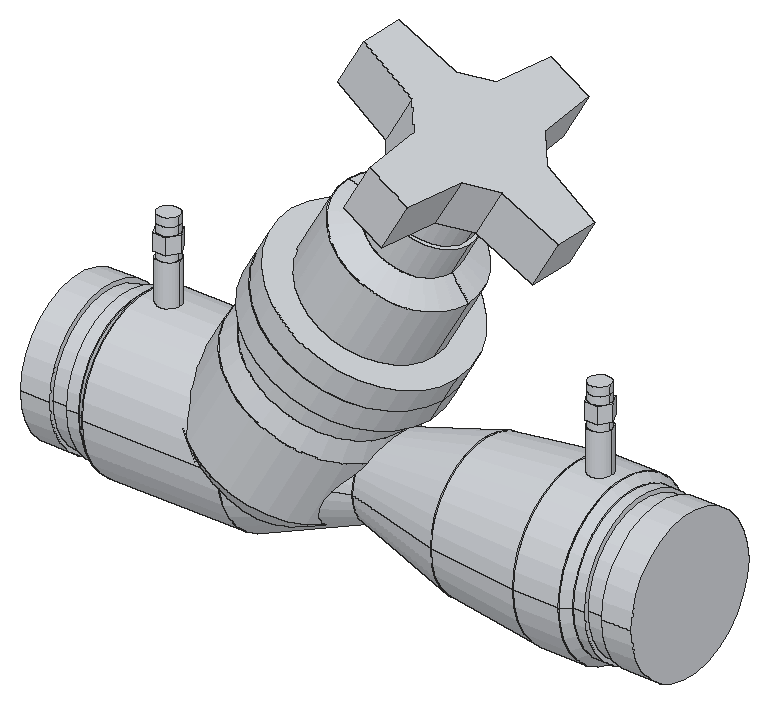
Revit family "447_d-DN040-RFA_2019", category Pipe Accessories, Revit 2019
Family settings
  Round Connector Dimension = Use Diameter
  Part Type = Valve - Breaks Into
  Work Plane-Based = No
  Always vertical = Yes
  Cut with Voids When Loaded = No
  Shared = No
Parameters (values of type "447_d-DN040")
  magiProductId = "6dc4a6b5eb924103b02307904d600f"
  magiProductFamilyId = "eab8c084d85f47fc9aed3208e9defb"
  magiPartTypeId = 304
  isMeasuringValve [instance] = no
  ang2D [instance] = 0.00°
  W3 = 9.08 mm
  W2D = 100 mm
  W2 = 17.092 mm
  W1 = 7.25 mm
  VersionID = "2.0/2018.4.11.4/ZETKAMA_447_GROOVED_001"
  Use Minimum Symbol Size [instance] = yes
  URL = "www.hydronix.cz"
  Type Comments = "drážkový spoj; PN16; -10~+120°C;"
  R9 = 31.2 mm
  R8 = 13.2 mm
  R7 = 14.4 mm
  R6 = 28.8 mm
  R5 = 37 mm
  R4 = 13.2 mm
  R3 = 26.4 mm
  R2 = 22.8 mm
  R13 = 4.29 mm
  R12 = 3.357 mm
  R11 = 3.73 mm
  R1 = 24 mm
  R = 20 mm
  QmdConnectorList = "301;D;302;D"
  Productdata [instance] = ""
  Model = ""
  Manufacturer = "Hydronix"
  Maintenance Zone Under Depth [instance] = 24 mm
  Maintenance Zone Right Depth [instance] = 200 mm
  Maintenance Zone Over Depth [instance] = 130 mm
  Maintenance Zone Left Depth [instance] = 200 mm
  Maintenance Zone Front Depth [instance] = 74 mm
  Maintenance Zone Back Depth [instance] = 74 mm
  Maintenance Zone Front Visibility [instance] = no
  MC Product Code = "447 040 d (DN40; PN16 kvs22,36)"
  MC Piping Given Pressure Drop [instance] = 0.0 Pa
  L9 = 29.841 mm
  L8__ve = -L8  # -14.921 mm
  L8 = 14.921 mm
  L6 = 44.762 mm
  L5 = 2.857 mm
  L4__ve = -L4  # -3.81 mm
  L4 = 3.81 mm
  L3__ve = -L3  # -5.714 mm
  L3 = 5.714 mm
  L2__ve = -L2  # -9.524 mm
  L2D_Min = 3048 mm
  L2D = 350 mm
  L2 = 9.524 mm
  L13 = 7.46 mm
  L12 = 7.25 mm
  L11 = 9.08 mm
  L10 = 17.092 mm
  L1 = 100 mm
  KZ = 16.667 mm
  KL = 28.868 mm
  H9 = 3.433 mm
  H8 = 22.317 mm
  H7 = 8.583 mm
  H6 = 10.3 mm
  H5 = 6.867 mm
  H4 = 25.75 mm
  H17 = 5.2 mm
  H16 = 2.6 mm
  H15 = 39.4 mm
  H14 = 17.167 mm
  H13 = 12.875 mm
  H11 = 13.733 mm
  H10 = 12.017 mm
  Description = "Ruční vyvažovací ventil s drážkovým spojem"
  D = 40 mm
  CenSd_R13_6 = R13 * cos(30.00°)  # 3.715 mm
  Clearance Zone Height Depth [instance] = 130 mm
  Clearance Zone Circular Radius [instance] = 100 mm
  Clearance Zone Visibility [instance] = no
Types (10, lengths in mm): name | magiProductId | W3 | W2 | W1 | R9 | R8 | R7 | R6 | R5 | R4 | R3 | R2 | R13 | R12 | R11 | R1 | R | Maintenance Zone Under Depth | Maintenance Zone Right Depth | Maintenance Zone Over Depth | Maintenance Zone Left Depth | Maintenance Zone Front Depth | Maintenance Zone Back Depth | MC Product Code | L9 | L8__ve | L8 | L6 | L5 | L4__ve | L4 | L3__ve | L3 | L2__ve | L2 | L13 | L12 | L11 | L10 | L1 | KZ | KL | H9 | H8 | H7 | H6 | H5 | H4 | H17 | H16 | H15 | H14 | H13 | H11 | H10 | D | CenSd_R13_6 | Clearance Zone Height Depth | Clearance Zone Circular Radius
  447_d-DN100 | "e5a6bfdd9ca54003a0551f5d760c3c" | 14.437 | 30.026 | 12.736 | 74.1 | 31.35 | 34.2 | 68.4 | 65 | 31.35 | 62.7 | 54.15 | 7.507 | 5.875 | 6.528 | 57 | 50 | 57 | 350 | 240 | 350 | 130 | 130 | "447 100 d (DN100; PN16 kvs180,5)" | 52.222 | -26.111 | 26.111 | 78.333 | 5 | -6.667 | 6.667 | -10 | 10 | -16.667 | 16.667 | 13.056 | 12.736 | 14.437 | 30.026 | 175 | 29.167 | 50.518 | 6.389 | 41.531 | 15.973 | 19.168 | 12.779 | 47.92 | 9.6 | 4.8 | 86.7 | 31.947 | 23.96 | 25.557 | 22.363 | 100 | 6.501 | 240 | 175
  447_d-DN125 | "5795ec580370482d8c46e49d975863" | 14.437 | 30.026 | 12.736 | 91.65 | 38.775 | 42.3 | 84.6 | 65 | 38.775 | 77.55 | 66.975 | 8.579 | 6.714 | 7.46 | 70.5 | 62.5 | 71 | 400 | 260 | 400 | 130 | 130 | "447 125 d (DN125; PN16 kvs280,0)" | 59.683 | -29.841 | 29.841 | 89.524 | 5.714 | -7.619 | 7.619 | -11.429 | 11.429 | -19.048 | 19.048 | 14.921 | 12.736 | 14.437 | 30.026 | 200 | 33.333 | 57.735 | 7.005 | 45.534 | 17.513 | 21.016 | 14.01 | 52.539 | 10.4 | 5.2 | 103.55 | 35.026 | 26.269 | 28.021 | 24.518 | 125 | 7.43 | 260 | 200
  447_d-DN150 | "9b6b5ad10a674c51b522359e7e2d39" | 14.437 | 30.026 | 12.736 | 109.2 | 46.2 | 50.4 | 100.8 | 65 | 46.2 | 92.4 | 79.8 | 10.295 | 8.057 | 8.952 | 84 | 75 | 84 | 480 | 285 | 480 | 130 | 130 | "447 150 d (DN150; PN16 kvs383,4)" | 71.619 | -35.81 | 35.81 | 107.429 | 6.857 | -9.143 | 9.143 | -13.714 | 13.714 | -22.857 | 22.857 | 17.905 | 12.736 | 14.437 | 30.026 | 240 | 40 | 69.282 | 7.775 | 50.537 | 19.437 | 23.325 | 15.55 | 58.312 | 11.4 | 5.7 | 120.9 | 38.875 | 29.156 | 31.1 | 27.212 | 150 | 8.916 | 285 | 240
  447_d-DN200 | "f5a67fe5c2444fc986ed7f87b9a4ed" | 31.658 | 71.601 | 30.372 | 142.35 | 60.225 | 65.7 | 131.4 | 155 | 60.225 | 120.45 | 104.025 | 12.869 | 10.071 | 11.19 | 109.5 | 100 | 110 | 600 | 480 | 600 | 310 | 310 | "447 200 d (DN200; PN16 kvs710,0)" | 89.524 | -44.762 | 44.762 | 134.286 | 8.571 | -11.429 | 11.429 | -17.143 | 17.143 | -28.571 | 28.571 | 22.381 | 30.372 | 31.658 | 71.601 | 300 | 50 | 86.603 | 12.394 | 80.56 | 30.984 | 37.181 | 24.788 | 92.953 | 19.2 | 9.6 | 168.45 | 61.969 | 46.477 | 49.575 | 43.378 | 200 | 11.145 | 480 | 300
  447_d-DN250 | "7d63ae0d28f64990bc8ce3477101ef" | 31.658 | 71.601 | 30.372 | 177.45 | 75.075 | 81.9 | 163.8 | 155 | 75.075 | 150.15 | 129.675 | 15.657 | 12.254 | 13.615 | 136.5 | 125 | 137 | 730 | 525 | 730 | 310 | 310 | "447 250 d (DN250; PN16 kvs1187,5)" | 108.921 | -54.46 | 54.46 | 163.381 | 10.429 | -13.905 | 13.905 | -20.857 | 20.857 | -34.762 | 34.762 | 27.23 | 30.372 | 31.658 | 71.601 | 365 | 60.833 | 105.366 | 13.779 | 89.566 | 34.449 | 41.338 | 27.559 | 103.346 | 21 | 10.5 | 202.65 | 68.897 | 51.673 | 55.118 | 48.228 | 250 | 13.56 | 525 | 365
  447_d-DN300 | "0a2a34dba99a430aa7daf784d6b0c1" | 31.658 | 71.601 | 30.372 | 210.6 | 89.1 | 97.2 | 194.4 | 155 | 89.1 | 178.2 | 153.9 | 18.231 | 14.268 | 15.853 | 162 | 150 | 162 | 850 | 535 | 850 | 310 | 310 | "447 300 d (DN300; PN16 kvs1504,1)" | 126.825 | -63.413 | 63.413 | 190.238 | 12.143 | -16.19 | 16.19 | -24.286 | 24.286 | -40.476 | 40.476 | 31.706 | 30.372 | 31.658 | 71.601 | 425 | 70.833 | 122.687 | 14.087 | 91.568 | 35.218 | 42.262 | 28.175 | 105.655 | 21.4 | 10.7 | 231.7 | 70.437 | 52.828 | 56.349 | 49.306 | 300 | 15.789 | 535 | 425
  447_d-DN040 | "6dc4a6b5eb924103b02307904d600f" | 9.08 | 17.092 | 7.25 | 31.2 | 13.2 | 14.4 | 28.8 | 37 | 13.2 | 26.4 | 22.8 | 4.29 | 3.357 | 3.73 | 24 | 20 | 24 | 200 | 130 | 200 | 74 | 74 | "447 040 d (DN40; PN16 kvs22,36)" | 29.841 | -14.921 | 14.921 | 44.762 | 2.857 | -3.81 | 3.81 | -5.714 | 5.714 | -9.524 | 9.524 | 7.46 | 7.25 | 9.08 | 17.092 | 100 | 16.667 | 28.868 | 3.433 | 22.317 | 8.583 | 10.3 | 6.867 | 25.75 | 5.2 | 2.6 | 39.4 | 17.167 | 12.875 | 13.733 | 12.017 | 40 | 3.715 | 130 | 100
  447_d-DN050 | "b59a3d0ad4654cda90cee0c397c848" | 9.08 | 17.092 | 7.25 | 39 | 16.5 | 18 | 36 | 37 | 16.5 | 33 | 28.5 | 4.933 | 3.861 | 4.29 | 30 | 25 | 30 | 230 | 130 | 230 | 130 | 130 | "447 050 d (DN50; PN16 kvs32,15)" | 34.317 | -17.159 | 17.159 | 51.476 | 3.286 | -4.381 | 4.381 | -6.571 | 6.571 | -10.952 | 10.952 | 8.579 | 7.25 | 9.08 | 17.092 | 115 | 19.167 | 33.198 | 3.433 | 22.317 | 8.583 | 10.3 | 6.867 | 25.75 | 5.2 | 2.6 | 46 | 17.167 | 12.875 | 13.733 | 12.017 | 50 | 4.272 | 130 | 115
  447_d-DN065 | "356db372cd37496c9ff0d3ad255dc6" | 14.437 | 30.026 | 12.736 | 49.4 | 20.9 | 22.8 | 45.6 | 65 | 20.9 | 41.8 | 36.1 | 6.22 | 4.868 | 5.409 | 38 | 32.5 | 38 | 290 | 220 | 290 | 130 | 130 | "447 065 d (DN65; PN16 kvs83,3)" | 43.27 | -21.635 | 21.635 | 64.905 | 4.143 | -5.524 | 5.524 | -8.286 | 8.286 | -13.81 | 13.81 | 10.817 | 12.736 | 14.437 | 30.026 | 145 | 24.167 | 41.858 | 5.774 | 37.528 | 14.434 | 17.321 | 11.547 | 43.301 | 8.8 | 4.4 | 63.8 | 28.868 | 21.651 | 23.094 | 20.207 | 65 | 5.387 | 220 | 145
  447_d-DN080 | "f43aa02b4841429783243073d22ea7" | 14.437 | 30.026 | 12.736 | 57.85 | 24.475 | 26.7 | 53.4 | 65 | 24.475 | 48.95 | 42.275 | 6.649 | 5.204 | 5.782 | 44.5 | 40 | 45 | 310 | 220 | 310 | 130 | 130 | "447 080 d (DN80; PN16 kvs104,3)" | 46.254 | -23.127 | 23.127 | 69.381 | 4.429 | -5.905 | 5.905 | -8.857 | 8.857 | -14.762 | 14.762 | 11.563 | 12.736 | 14.437 | 30.026 | 155 | 25.833 | 44.745 | 5.774 | 37.528 | 14.434 | 17.321 | 11.547 | 43.301 | 8.8 | 4.4 | 70.95 | 28.868 | 21.651 | 23.094 | 20.207 | 80 | 5.758 | 220 | 155
Reference planes
  plane 1 "Center (Front/Back)": y = 0
  plane 2 "XYPLANE": z = 0
  plane 3 "Center (Left/Right)": x = 0
  plane 4 "159": y = 74
  plane 5 "158": y = -74
  plane 6 "157": z = -24
  plane 7 "156": z = 130
  plane 8 "155": x = -200
  plane 9 "154": x = 200
  plane 10 "132": z = 49.8
  plane 11 "125": z = 47.2
  plane 12 "120": z = 42
  plane 13 "119": z = 39.4
  plane 14 "112": x = 70.635
  plane 15 "111": x = -70.635
  plane 16 "109": y = -9.08
  plane 17 "108": y = 9.08
  plane 18 "105": through (356.279, 0, 660.328) normal (0.866, 0, -0.5)
  plane 19 "104": through (343.721, 0, 667.578) normal (0.866, 0, -0.5)
  plane 20 "103": y = -17.092
  plane 21 "102": y = -7.25
  plane 22 "101": y = 17.092
  plane 23 "100": y = 7.25
  plane 24 "99": through (342.137, 0, 668.493) normal (0.866, 0, -0.5)
  plane 25 "98": through (335.198, 0, 672.499) normal (0.866, 0, -0.5)
  plane 26 "97": through (357.863, 0, 659.413) normal (0.866, 0, -0.5)
  plane 27 "96": through (364.802, 0, 655.407) normal (0.866, 0, -0.5)
  plane 28 "95": y = -37
  plane 29 "94": y = 37
  plane 30 "93": through (382.043, 0, 645.453) normal (0.866, 0, -0.5)
  plane 31 "92": through (317.957, 0, 682.453) normal (0.866, 0, -0.5)
  plane 32 "88": x = 33.333
  plane 33 "87": x = 63.175
  plane 34 "81": through (-602.061, 0, 457.2) normal (0.5, 0, 0.866)
  plane 35 "80": through (-608.928, 0, 445.306) normal (0.5, 0, 0.866)
  plane 36 "75": through (-614.936, 0, 434.9) normal (0.5, 0, 0.866)
  plane 37 "72": through (-616.653, 0, 431.926) normal (0.5, 0, 0.866)
  plane 38 "68": through (-627.811, 0, 412.6) normal (0.5, 0, 0.866)
  plane 39 "67": through (-632.103, 0, 405.166) normal (0.5, 0, 0.866)
  plane 40 "62": through (-664.29, 0, 349.416) normal (0.5, 0, 0.866)
  plane 41 "61": through (-636.394, 0, 397.733) normal (0.5, 0, 0.866)
  plane 42 "58": through (-641.544, 0, 388.813) normal (0.5, 0, 0.866)
  plane 43 "56": through (-644.977, 0, 382.866) normal (0.5, 0, 0.866)
  plane 44 "51": y = 0
  plane 45 "49": through (350, 0, 663.953) normal (0.866, 0, -0.5)
  plane 46 "48": through (-657.852, 0, 360.566) normal (0.5, 0, 0.866)
  plane 47 "30": x = 78.095
  plane 48 "29": x = 80.952
  plane 49 "28": x = 84.762
  plane 50 "27": x = 90.476
  plane 51 "14": x = -33.333
  plane 52 "13": x = -78.095
  plane 53 "12": x = -80.952
  plane 54 "11": x = -84.762
  plane 55 "10": x = -90.476
  plane 56 "8": x = -100
  plane 57 "7": x = 100
  plane 58 "6": y = 0
  plane 59 "5": x = 0
  plane 60 "4": z = 0
  plane 61 "45XY": through (-649.519, 0, 375) normal (0.5, 0, 0.866)
  plane 62 "45XZ": y = 0
  plane 63 "45YZ": through (375, 0, 649.519) normal (0.866, 0, -0.5)
Forms (mm)
  Blend 1, solid, visible <- "Maintenance Zone Front Visibility"
    base sketch origin (-750, 0, -24) x (1, 0, 0) y (0, 1, 0)
      loop
        line (550, 74) -> (550, -74) -> (950, -74) -> (950, 74) -> (550, 74)
    top sketch origin (-750, 0, -24) x (1, 0, 0) y (0, 1, 0)
      loop
        line (550, 74) -> (550, -74) -> (950, -74) -> (950, 74) -> (550, 74)
    from 0 to 154
  Extrusion 2, solid, visible <- "Clearance Zone Visibility"
    sketch origin (-750, 0, 0) x (1, 0, 0) y (0, 1, 0)
      loop
        circle (750, 0) r 100
    from 0 to 130 <- "Clearance Zone Height Depth"
  Extrusion 3, solid
    sketch origin (-750, 0, 49.8) x (1, 0, 0) y (0, 1, 0)
      loop
        circle (820.635, 0) r 3.357
    from 0 to 2.6 <- "H16"
  Extrusion 4, solid
    sketch origin (-750, 0, 47.2) x (1, 0, 0) y (0, 1, 0)
      loop
        circle (820.635, 0) r 3.357
    from 0 to 2.6 <- "H16"
  Extrusion 5, solid
    sketch origin (-750, 0, 49.8) x (1, 0, 0) y (0, 1, 0)
      loop
        circle (679.365, 0) r 3.357
    from 0 to 2.6 <- "H16"
  Extrusion 6, solid
    sketch origin (-750, 0, 47.2) x (1, 0, 0) y (0, 1, 0)
      loop
        circle (679.365, 0) r 3.357
    from 0 to 2.6 <- "H16"
  Extrusion 7, solid
    sketch origin (-750, 0, 42) x (1, 0, 0) y (0, 1, 0)
      loop
        line (824.925, 0) -> (822.78, 3.715) -> (818.49, 3.715) -> (816.345, 0) -> (818.49, -3.715) -> (822.78, -3.715) -> (824.925, 0)
    from 0 to 5.2 <- "H17"
  Extrusion 8, solid
    sketch origin (-750, 0, 42) x (1, 0, 0) y (0, 1, 0)
      loop
        line (683.655, 0) -> (681.51, 3.715) -> (677.22, 3.715) -> (675.075, 0) -> (677.22, -3.715) -> (681.51, -3.715) -> (683.655, 0)
    from 0 to 5.2 <- "H17"
  Extrusion 9, solid
    sketch origin (-750, 0, 39.4) x (1, 0, 0) y (0, 1, 0)
      loop
        circle (820.635, 0) r 3.357
    from 0 to 2.6 <- "H16"
  Extrusion 10, solid
    sketch origin (-750, 0, 39.4) x (1, 0, 0) y (0, 1, 0)
      loop
        circle (679.365, 0) r 3.357
    from 0 to 2.6 <- "H16"
  Extrusion 11, solid
    sketch origin (-750, 0, 0) x (1, 0, 0) y (0, 1, 0)
      loop
        circle (820.635, 0) r 3.73
    from 0 to 39.4 <- "H15"
  Extrusion 12, solid
    sketch origin (-750, 0, 0) x (1, 0, 0) y (0, 1, 0)
      loop
        circle (679.365, 0) r 3.73
    from 0 to 39.4 <- "H15"
  Extrusion 13, solid
    sketch origin (-602.061, 0, 457.2) x (0.866025, 0, -0.5) y (0, 1, 0)
      loop
        line (684.132, 7.25) -> (684.132, -7.25) -> (704.041, -9.08) -> (712.053, -17.092) -> (713.882, -37) -> (728.382, -37) -> (730.212, -17.092) -> (738.224, -9.08) -> (758.132, -7.25) -> (758.132, 7.25) -> (738.224, 9.08) -> (730.212, 17.092) -> (728.382, 37) -> (713.882, 37) -> (712.053, 17.092) -> (704.041, 9.08) -> (684.132, 7.25)
    from 0 to 17.167 <- "H14"
  Blend 14, solid
    base sketch origin (63.175, -750, 0) x (0, 1, 0) y (0, 0, 1)
      loop
        circle (750, 0) r 26.4
    top sketch origin (63.175, -750, 0) x (0, 1, 0) y (0, 0, 1)
      loop
        circle (750, 0) r 22.8
    from 0 to -29.841
  Extrusion 15, solid
    sketch origin (-632.103, 0, 405.166) x (0.866025, 0, -0.5) y (0, 1, 0)
      loop
        circle (721.132, 0) r 31.2
    from 0 to 8.583 <- "H7"
  Extrusion 16, solid
    sketch origin (-636.394, 0, 397.733) x (0.866025, 0, -0.5) y (0, 1, 0)
      loop
        circle (721.132, 0) r 31.2
    from 0 to 8.583 <- "H7"
  Extrusion 17, solid
    sketch origin (-608.928, 0, 445.306) x (0.866025, 0, -0.5) y (0, 1, 0)
      loop
        circle (721.132, 0) r 13.2
    from 0 to 13.733 <- "H11"
  Blend 18, solid
    base sketch origin (-616.653, 0, 431.926) x (0.866025, 0, -0.5) y (0, 1, 0)
      loop
        circle (721.132, 0) r 22.8
    top sketch origin (-616.653, 0, 431.926) x (0.866025, 0, -0.5) y (0, 1, 0)
      loop
        circle (721.132, 0) r 14.4
    from 0 to 3.433
  Extrusion 19, solid
    sketch origin (-627.811, 0, 412.6) x (0.866025, 0, -0.5) y (0, 1, 0)
      loop
        circle (721.132, 0) r 22.8
    from 0 to 22.317 <- "H8"
  Extrusion 20, solid
    sketch origin (-614.936, 0, 434.9) x (0.866025, 0, -0.5) y (0, 1, 0)
      loop
        circle (721.132, 0) r 14.4
    from 0 to 12.017 <- "H10"
  Blend 21, solid
    base sketch origin (-657.852, 0, 360.566) x (0.866025, 0, -0.5) y (0, 1, 0)
      loop
        circle (721.132, 0) r 28.8
    top sketch origin (-657.852, 0, 360.566) x (0.866025, 0, -0.5) y (0, 1, 0)
      loop
        circle (721.132, 0) r 20
    from 0 to -12.875
  Extrusion 22, solid
    sketch origin (-641.544, 0, 388.813) x (0.866025, 0, -0.5) y (0, 1, 0)
      loop
        circle (721.132, 0) r 26.4
    from 0 to 10.3 <- "H6"
  Blend 23, solid
    base sketch origin (-644.977, 0, 382.866) x (0.866025, 0, -0.5) y (0, 1, 0)
      loop
        circle (721.132, 0) r 28.8
    top sketch origin (-644.977, 0, 382.866) x (0.866025, 0, -0.5) y (0, 1, 0)
      loop
        circle (721.132, 0) r 26.4
    from 0 to 6.867
  Extrusion 24, solid
    sketch origin (-657.852, 0, 360.566) x (0.866025, 0, -0.5) y (0, 1, 0)
      loop
        circle (721.132, 0) r 28.8
    from 0 to 25.75 <- "H4"
  Extrusion 25, solid
    sketch origin (100, -750, 0) x (0, 1, 0) y (0, 0, 1)
      loop
        circle (750, 0) r 24
    from 0 to -9.524 <- "L2__ve"
  Extrusion 26, solid
    sketch origin (90.476, -750, 0) x (0, 1, 0) y (0, 0, 1)
      loop
        circle (750, 0) r 22.8
    from 0 to -5.714 <- "L3__ve"
  Extrusion 27, solid
    sketch origin (84.762, -750, 0) x (0, 1, 0) y (0, 0, 1)
      loop
        circle (750, 0) r 24
    from 0 to -3.81 <- "L4__ve"
  Blend 28, solid
    base sketch origin (80.952, -750, 0) x (0, 1, 0) y (0, 0, 1)
      loop
        circle (750, 0) r 24
    top sketch origin (80.952, -750, 0) x (0, 1, 0) y (0, 0, 1)
      loop
        circle (750, 0) r 26.4
    from 0 to -2.857
  Extrusion 29, solid
    sketch origin (78.095, -750, 0) x (0, 1, 0) y (0, 0, 1)
      loop
        circle (750, 0) r 26.4
    from 0 to -14.921 <- "L8__ve"
  Blend 30, solid
    base sketch origin (33.333, -750, 0) x (0, 1, 0) y (0, 0, 1)
      loop
        circle (750, 0) r 22.8
    top sketch origin (33.333, -750, 0) x (0, 1, 0) y (0, 0, 1)
      loop
        circle (750, 0) r 13.2
    from 0 to -33.333
  Blend 31, solid
    base sketch origin (-33.333, -750, 0) x (0, 1, 0) y (0, 0, 1)
      loop
        circle (750, 0) r 26.4
    top sketch origin (-33.333, -750, 0) x (0, 1, 0) y (0, 0, 1)
      loop
        circle (750, 0) r 13.2
    from 0 to 33.333
  Extrusion 32, solid
    sketch origin (-78.095, -750, 0) x (0, 1, 0) y (0, 0, 1)
      loop
        circle (750, 0) r 26.4
    from 0 to 44.762 <- "L6"
  Blend 33, solid
    base sketch origin (-80.952, -750, 0) x (0, 1, 0) y (0, 0, 1)
      loop
        circle (750, 0) r 24
    top sketch origin (-80.952, -750, 0) x (0, 1, 0) y (0, 0, 1)
      loop
        circle (750, 0) r 26.4
    from 0 to 2.857
  Extrusion 34, solid
    sketch origin (-84.762, -750, 0) x (0, 1, 0) y (0, 0, 1)
      loop
        circle (750, 0) r 24
    from 0 to 3.81 <- "L4"
  Extrusion 35, solid
    sketch origin (-90.476, -750, 0) x (0, 1, 0) y (0, 0, 1)
      loop
        circle (750, 0) r 22.8
    from 0 to 5.714 <- "L3"
  Extrusion 36, solid
    sketch origin (-100, -750, 0) x (0, 1, 0) y (0, 0, 1)
      loop
        circle (750, 0) r 24
    from 0 to 9.524 <- "L2"
  Extrusion 37, solid, not visible
    sketch origin (-100, -750, 0) x (0, 1, 0) y (0, 0, 1)
      loop
        circle (750, 0) r 4.514
    from 0 to 10
  Extrusion 38, solid, not visible
    sketch origin (100, -750, 0) x (0, 1, 0) y (0, 0, 1)
      loop
        circle (750, 0) r 4.514
    from 0 to -10
Lines and regions (mm)
  reference lines, not visible
    curve 1: circle (2, 2, 0) r 1 normal (0, 0, 1)
  reference lines
    curve 2: line (70.635, 0, 42) -> (68.758, 3.251, 42)
    curve 3: line (70.635, 0, 42) -> (66.881, 0, 42)
    curve 4: line (70.635, 0, 42) -> (68.758, -3.251, 42)
    curve 5: line (-70.635, 0, 42) -> (-72.512, 3.251, 42)
    curve 6: line (-70.635, 0, 42) -> (-74.388, 0, 42)
    curve 7: line (-70.635, 0, 42) -> (-72.512, -3.251, 42)
Dimensions and locks
  plane 1 "Center (Front/Back)" to curve 1 = 2 mm
  "Maintenance Zone Back Depth": plane 1 "Center (Front/Back)" to plane 4 "159"
  "Maintenance Zone Front Depth": plane 1 "Center (Front/Back)" to plane 5 "158"
  "Maintenance Zone Under Depth": plane 2 "XYPLANE" to plane 6 "157"
  "Maintenance Zone Over Depth": plane 2 "XYPLANE" to plane 7 "156"
  "Maintenance Zone Left Depth": plane 3 "Center (Left/Right)" to plane 8 "155"
  "Maintenance Zone Right Depth": plane 3 "Center (Left/Right)" to plane 9 "154"
  "H16": plane 11 "125" to plane 10 "132"
  "H17": plane 12 "120" to plane 11 "125"
  "H16": plane 13 "119" to plane 12 "120"
  "H15": plane 2 "XYPLANE" to plane 13 "119"
  "L13": plane 47 "30" to plane 14 "112"
  "L13": plane 52 "13" to plane 15 "111"
  "W3": plane 44 "51" to plane 16 "109"
  "W3": plane 44 "51" to plane 17 "108"
  "L12": plane 45 "49" to plane 18 "105"
  "L12": plane 45 "49" to plane 19 "104"
  "W2": plane 58 "6" to plane 20 "103"
  "W1": plane 58 "6" to plane 21 "102"
  "W2": plane 58 "6" to plane 22 "101"
  "W1": plane 58 "6" to plane 23 "100"
  "L11": plane 45 "49" to plane 24 "99"
  "L10": plane 45 "49" to plane 25 "98"
  "L11": plane 45 "49" to plane 26 "97"
  "L10": plane 45 "49" to plane 27 "96"
  "R5": plane 58 "6" to plane 28 "95"
  "R5": plane 58 "6" to plane 29 "94"
  "R5": plane 45 "49" to plane 30 "93"
  "R5": plane 45 "49" to plane 31 "92"
  "L9": plane 33 "87" to plane 32 "88"
  "L8": plane 47 "30" to plane 33 "87"
  "H11": plane 35 "80" to plane 34 "81"
  "H10": plane 36 "75" to plane 35 "80"
  "H9": plane 37 "72" to plane 36 "75"
  "H8": plane 38 "68" to plane 37 "72"
  "H7": plane 39 "67" to plane 38 "68"
  "H7": plane 41 "61" to plane 39 "67"
  "H13": plane 46 "48" to plane 40 "62"
  "H6": plane 42 "58" to plane 41 "61"
  "H5": plane 43 "56" to plane 42 "58"
  "H4": plane 46 "48" to plane 43 "56"
  locked: plane 58 "6" to plane 44 "51"
  "KL": plane 63 "45YZ" to plane 45 "49"
  "KZ": plane 61 "45XY" to plane 46 "48"
  "L5": plane 48 "29" to plane 47 "30"
  "L4": plane 49 "28" to plane 48 "29"
  "L3": plane 50 "27" to plane 49 "28"
  "L2": plane 57 "7" to plane 50 "27"
  "L6": plane 52 "13" to plane 51 "14"
  "L5": plane 53 "12" to plane 52 "13"
  "L4": plane 54 "11" to plane 53 "12"
  "L3": plane 55 "10" to plane 54 "11"
  "L2": plane 56 "8" to plane 55 "10"
  "L1": plane 3 "Center (Left/Right)" to plane 56 "8"
  "L1": plane 3 "Center (Left/Right)" to plane 57 "7"
  locked: plane 1 "Center (Front/Back)" to plane 58 "6"
  locked: plane 3 "Center (Left/Right)" to plane 59 "5"
  locked: plane 2 "XYPLANE" to plane 60 "4"
  Blend 1 sketch curve to Blend 1 sketch curve = 0 mm  (x16)
  "CenSd_R13_6": curve 2 to Extrusion 7 sketch curve  (x2)
  "CenSd_R13_6": curve 3 to Extrusion 7 sketch curve  (x2)
  "CenSd_R13_6": curve 4 to Extrusion 7 sketch curve  (x2)
  Extrusion 7 sketch curve to Extrusion 7 sketch curve = 0 mm  (x12)
  "CenSd_R13_6": curve 5 to Extrusion 8 sketch curve  (x2)
  "CenSd_R13_6": curve 6 to Extrusion 8 sketch curve  (x2)
  "CenSd_R13_6": curve 7 to Extrusion 8 sketch curve  (x2)
  Extrusion 8 sketch curve to Extrusion 8 sketch curve = 0 mm  (x12)
  Extrusion 13 sketch curve to Extrusion 13 sketch curve = 0 mm  (x32)
  "Clearance Zone Circular Radius": radius of Extrusion 2 sketch curve
  "R12": radius of Extrusion 3 sketch curve
  "R12": radius of Extrusion 4 sketch curve
  "R12": radius of Extrusion 5 sketch curve
  "R12": radius of Extrusion 6 sketch curve
  "R12": radius of Extrusion 9 sketch curve
  "R12": radius of Extrusion 10 sketch curve
  "R11": radius of Extrusion 11 sketch curve
  "R11": radius of Extrusion 12 sketch curve
  "R2": radius of Blend 14 sketch curve
  "R3": radius of Blend 14 sketch curve
  "R9": radius of Extrusion 15 sketch curve
  "R9": radius of Extrusion 16 sketch curve
  "R8": radius of Extrusion 17 sketch curve
  "R7": radius of Blend 18 sketch curve
  "R2": radius of Blend 18 sketch curve
  "R2": radius of Extrusion 19 sketch curve
  "R7": radius of Extrusion 20 sketch curve
  "R": radius of Blend 21 sketch curve
  "R6": radius of Blend 21 sketch curve
  "R3": radius of Extrusion 22 sketch curve
  "R3": radius of Blend 23 sketch curve
  "R6": radius of Blend 23 sketch curve
  "R6": radius of Extrusion 24 sketch curve
  "R1": radius of Extrusion 25 sketch curve
  "R2": radius of Extrusion 26 sketch curve
  "R1": radius of Extrusion 27 sketch curve
  "R3": radius of Blend 28 sketch curve
  "R1": radius of Blend 28 sketch curve
  "R3": radius of Extrusion 29 sketch curve
  "R4": radius of Blend 30 sketch curve
  "R2": radius of Blend 30 sketch curve
  "R4": radius of Blend 31 sketch curve
  "R3": radius of Blend 31 sketch curve
  "R3": radius of Extrusion 32 sketch curve
  "R3": radius of Blend 33 sketch curve
  "R1": radius of Blend 33 sketch curve
  "R1": radius of Extrusion 34 sketch curve
  "R2": radius of Extrusion 35 sketch curve
  "R1": radius of Extrusion 36 sketch curve
  locked: curve 3 to curve 2 (angle 60.00°)
  locked: curve 4 to curve 3 (angle 60.00°)
  locked: curve 4 to curve 2 (angle 120.00°)
  locked: curve 6 to curve 5 (angle 60.00°)
  locked: curve 7 to curve 6 (angle 60.00°)
  locked: curve 7 to curve 5 (angle 120.00°)
  aligned and locked: level to plane 2 "XYPLANE"
  aligned and locked: Blend 1 sketch curve to plane 8 "155"  (x2)
  aligned and locked: plane 4 "159" to Blend 1 sketch curve  (x4)
  aligned and locked: plane 5 "158" to Blend 1 sketch curve  (x4)
  aligned and locked: plane 8 "155" to Blend 1 sketch curve  (x2)
  aligned and locked: plane 9 "154" to Blend 1 sketch curve  (x4)
  aligned and locked: plane 7 "156" to Blend 1
  aligned and locked: plane 58 "6" to Extrusion 2 sketch curve
  aligned and locked: plane 59 "5" to Extrusion 2 sketch curve
  aligned and locked: plane 14 "112" to Extrusion 3 sketch curve
  aligned and locked: plane 58 "6" to Extrusion 3 sketch curve
  aligned and locked: plane 14 "112" to Extrusion 4 sketch curve
  aligned and locked: plane 58 "6" to Extrusion 4 sketch curve
  aligned and locked: plane 15 "111" to Extrusion 5 sketch curve
  aligned and locked: plane 58 "6" to Extrusion 5 sketch curve
  aligned and locked: plane 15 "111" to Extrusion 6 sketch curve
  aligned and locked: plane 58 "6" to Extrusion 6 sketch curve
  aligned and locked: plane 14 "112" to curve 4
  aligned and locked: plane 58 "6" to curve 4
  aligned and locked: plane 15 "111" to curve 6
  aligned and locked: plane 58 "6" to curve 6
  aligned and locked: plane 14 "112" to Extrusion 9 sketch curve
  aligned and locked: plane 58 "6" to Extrusion 9 sketch curve
  aligned and locked: plane 15 "111" to Extrusion 10 sketch curve
  aligned and locked: plane 58 "6" to Extrusion 10 sketch curve
  aligned and locked: plane 14 "112" to Extrusion 11 sketch curve
  aligned and locked: plane 58 "6" to Extrusion 11 sketch curve
  aligned and locked: plane 15 "111" to Extrusion 12 sketch curve
  aligned and locked: plane 58 "6" to Extrusion 12 sketch curve
  aligned and locked: Extrusion 13 sketch curve to plane 31 "92"  (x2)
  aligned and locked: plane 23 "100" to Extrusion 13 sketch curve  (x2)
  aligned and locked: plane 21 "102" to Extrusion 13 sketch curve  (x2)
  aligned and locked: plane 16 "109" to Extrusion 13 sketch curve  (x2)
  aligned and locked: Extrusion 13 sketch curve to plane 25 "98"
  aligned and locked: plane 20 "103" to Extrusion 13 sketch curve  (x2)
  aligned and locked: Extrusion 13 sketch curve to plane 24 "99"
  aligned and locked: plane 28 "95" to Extrusion 13 sketch curve  (x2)
  aligned and locked: Extrusion 13 sketch curve to plane 19 "104"
  aligned and locked: Extrusion 13 sketch curve to plane 18 "105"
  aligned and locked: Extrusion 13 sketch curve to plane 26 "97"
  aligned and locked: Extrusion 13 sketch curve to plane 27 "96"
  aligned and locked: Extrusion 13 sketch curve to plane 30 "93"
  aligned and locked: plane 30 "93" to Extrusion 13 sketch curve
  aligned and locked: plane 17 "108" to Extrusion 13 sketch curve  (x2)
  aligned and locked: plane 27 "96" to Extrusion 13 sketch curve
  aligned and locked: plane 22 "101" to Extrusion 13 sketch curve  (x2)
  aligned and locked: plane 26 "97" to Extrusion 13 sketch curve
  aligned and locked: plane 18 "105" to Extrusion 13 sketch curve
  aligned and locked: plane 29 "94" to Extrusion 13 sketch curve  (x2)
  aligned and locked: plane 19 "104" to Extrusion 13 sketch curve
  aligned and locked: plane 24 "99" to Extrusion 13 sketch curve
  aligned and locked: plane 25 "98" to Extrusion 13 sketch curve
  aligned and locked: Blend 14 sketch curve to plane 58 "6"  (x2)
  aligned and locked: plane 60 "4" to Blend 14 sketch curve  (x2)
  aligned and locked: Blend 14 to plane 32 "88"
  aligned and locked: plane 44 "51" to Extrusion 15 sketch curve
  aligned and locked: Extrusion 15 sketch curve to plane 45 "49"
  aligned and locked: plane 44 "51" to Extrusion 16 sketch curve
  aligned and locked: Extrusion 16 sketch curve to plane 45 "49"
  aligned and locked: plane 44 "51" to Extrusion 17 sketch curve
  aligned and locked: Extrusion 17 sketch curve to plane 45 "49"
  aligned and locked: plane 44 "51" to Blend 18 sketch curve  (x2)
  aligned and locked: Blend 18 sketch curve to plane 45 "49"  (x2)
  aligned and locked: plane 36 "75" to Blend 18
  aligned and locked: plane 44 "51" to Extrusion 19 sketch curve
  aligned and locked: Extrusion 19 sketch curve to plane 45 "49"
  aligned and locked: plane 44 "51" to Extrusion 20 sketch curve
  aligned and locked: Extrusion 20 sketch curve to plane 45 "49"
  aligned and locked: plane 44 "51" to Blend 21 sketch curve  (x2)
  aligned and locked: Blend 21 sketch curve to plane 45 "49"  (x2)
  aligned and locked: Blend 21 to plane 40 "62"
  aligned and locked: plane 44 "51" to Extrusion 22 sketch curve
  aligned and locked: Extrusion 22 sketch curve to plane 45 "49"
  aligned and locked: plane 44 "51" to Blend 23 sketch curve  (x2)
  aligned and locked: Blend 23 sketch curve to plane 45 "49"  (x2)
  aligned and locked: plane 42 "58" to Blend 23
  aligned and locked: plane 44 "51" to Extrusion 24 sketch curve
  aligned and locked: Extrusion 24 sketch curve to plane 45 "49"
  aligned and locked: Extrusion 25 sketch curve to plane 58 "6"
  aligned and locked: plane 60 "4" to Extrusion 25 sketch curve
  aligned and locked: Extrusion 26 sketch curve to plane 58 "6"
  aligned and locked: plane 60 "4" to Extrusion 26 sketch curve
  aligned and locked: Extrusion 27 sketch curve to plane 58 "6"
  aligned and locked: plane 60 "4" to Extrusion 27 sketch curve
  aligned and locked: Blend 28 sketch curve to plane 58 "6"  (x2)
  aligned and locked: plane 60 "4" to Blend 28 sketch curve  (x2)
  aligned and locked: Blend 28 to plane 47 "30"
  aligned and locked: Extrusion 29 sketch curve to plane 58 "6"
  aligned and locked: plane 60 "4" to Extrusion 29 sketch curve
  aligned and locked: Blend 30 sketch curve to plane 58 "6"  (x2)
  aligned and locked: plane 60 "4" to Blend 30 sketch curve  (x2)
  aligned and locked: Blend 30 to plane 59 "5"
  aligned and locked: Blend 31 sketch curve to plane 58 "6"  (x2)
  aligned and locked: plane 60 "4" to Blend 31 sketch curve  (x2)
  aligned and locked: plane 59 "5" to Blend 31
  aligned and locked: Extrusion 32 sketch curve to plane 58 "6"
  aligned and locked: plane 60 "4" to Extrusion 32 sketch curve
  aligned and locked: Blend 33 sketch curve to plane 58 "6"  (x2)
  aligned and locked: plane 60 "4" to Blend 33 sketch curve  (x2)
  aligned and locked: plane 52 "13" to Blend 33
  aligned and locked: Extrusion 34 sketch curve to plane 58 "6"
  aligned and locked: plane 60 "4" to Extrusion 34 sketch curve
  aligned and locked: Extrusion 35 sketch curve to plane 58 "6"
  aligned and locked: plane 60 "4" to Extrusion 35 sketch curve
  aligned and locked: Extrusion 36 sketch curve to plane 58 "6"
  aligned and locked: plane 60 "4" to Extrusion 36 sketch curve
  aligned and locked: Extrusion 37 sketch curve to plane 58 "6"
  aligned and locked: plane 60 "4" to Extrusion 37 sketch curve
  aligned and locked: Extrusion 38 sketch curve to plane 58 "6"
  aligned and locked: plane 60 "4" to Extrusion 38 sketch curve
Automatic sketch dimensions
  plane 21 "102" to Extrusion 37 sketch curve = 2.736 mm
  plane 21 "102" to Extrusion 38 sketch curve = 2.736 mm
  plane 3 "Center (Left/Right)" to curve 1 = 2 mm
  radius of curve 1 = 1 mm
Connectors
  piping at (-100, 0, 0), diameter 40, driven by "D"
    settings: on Extrusion 37, index 1, connector inside diameter 609.6 mm, connector length 0 mm, flow factor 0, pipe flow 0.0 L/s, pressure drop 0.0 Pa, fitting loss kfactor 0, connector angle 0.00°, fixture units 0, engagement length 0 mm, angle of deflection 0.00°, flow configuration 0, flow direction 0, fitting loss method 0, system type 29, joint type 0, gender type 0, connector reference index 2, connector utility 0, adjustable connector no, is connector primary yes, connector description ""
  piping at (100, 0, 0), diameter 40, driven by "D"
    settings: on Extrusion 38, index 2, connector inside diameter 609.6 mm, connector length 0 mm, flow factor 0, pipe flow 0.0 L/s, pressure drop 0.0 Pa, fitting loss kfactor 0, connector angle 0.00°, fixture units 0, engagement length 0 mm, angle of deflection 0.00°, flow configuration 0, flow direction 0, fitting loss method 0, system type 29, joint type 0, gender type 0, connector reference index 1, connector utility 0, adjustable connector no, is connector primary no, connector description ""
